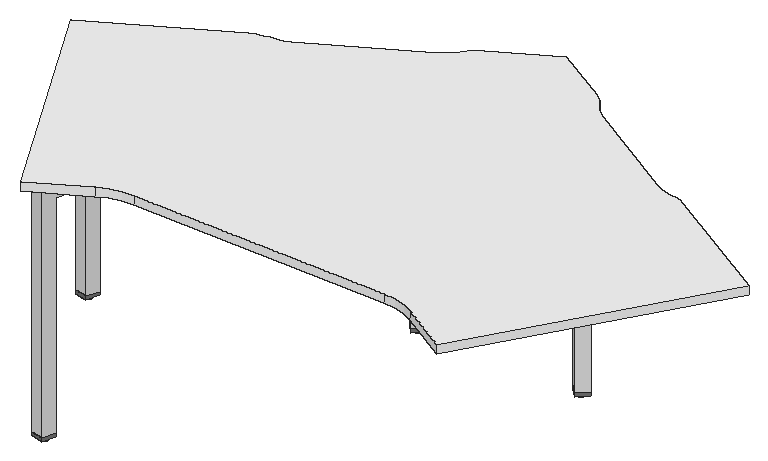
Revit family "Script Straight Leg 120 degree workstation 800 Deep Add on desk pack", category Furniture, Revit 2016
Family settings
  OmniClass Number = 23.40.20.00
  OmniClass Title = General Furniture and Specialties
  Work Plane-Based = No
  Always vertical = Yes
  Cut with Voids When Loaded = No
  Shared = No
  Room Calculation Point = No
Parameters
  URL = "www.gof.co.uk"
  Type Comments = ""
  Product Code = "XDYS128A"
  Desktop = Gresham - White MFC
  Model = ""
  Manufacturer = "Gresham Office Furniture"  # constant formula
  Frame = Gresham - Silver Metal
  Foot = Gresham - Black Plastic
  Assembly Code = "E2020200"
Reference planes
  plane 1 "Center (Front/Back)": y = -58.397
  plane 2: z = 0
  plane 3 "Center (Left/Right)": x = 0
  plane 4 "Desktop Underside": z = 702
  plane 5 "Foot": z = 15
  plane 6: y = 588.013
  plane 7: y = -704.808
  plane 8: x = 1039.23
  plane 9: x = -1039.23
Forms (mm)
  Extrusion 1, solid, material "Gresham - White MFC" <- "Desktop"
    sketch origin (-74115.542, -33223.428, 702) x (-1, 0, 0) y (0, -1, 0)
      loop
        line (-74288.747, -33711.441) -> (-74115.542, -33811.441) -> (-73942.337, -33711.441)
        arc (-73942.337, -33711.441) -> (-73920.203, -33695.005) -> (-73902.405, -33673.952) r 120
        arc (-73902.405, -33673.952) -> (-73884.606, -33652.899) -> (-73862.472, -33636.463) r 120
        line (-73862.472, -33636.463) -> (-73553.567, -33458.117)
        arc (-73553.567, -33458.117) -> (-73528.267, -33447.166) -> (-73501.135, -33442.279) r 120
        arc (-73501.135, -33442.279) -> (-73474.003, -33437.391) -> (-73448.703, -33426.441) r 120
        line (-73448.703, -33426.441) -> (-73076.312, -33211.441) -> (-73476.312, -32518.62) -> (-73632.196, -32608.62)
        arc (-73632.196, -32608.62) -> (-73680.432, -32628.6) -> (-73732.196, -32635.415) r 200
        line (-73732.196, -32635.415) -> (-74498.888, -32635.415)
        arc (-74498.888, -32635.415) -> (-74550.652, -32628.6) -> (-74598.888, -32608.62) r 200
        line (-74598.888, -32608.62) -> (-74754.773, -32518.62) -> (-75154.773, -33211.441) -> (-74782.382, -33426.441)
        arc (-74782.382, -33426.441) -> (-74757.081, -33437.391) -> (-74729.949, -33442.279) r 120
        arc (-74729.949, -33442.279) -> (-74702.817, -33447.166) -> (-74677.517, -33458.117) r 120
        line (-74677.517, -33458.117) -> (-74368.612, -33636.463)
        arc (-74368.612, -33636.463) -> (-74346.478, -33652.899) -> (-74328.68, -33673.952) r 120
        arc (-74328.68, -33673.952) -> (-74310.881, -33695.005) -> (-74288.747, -33711.441) r 120
    from 0 to 25
  Extrusion 2, solid, material "Gresham - Silver Metal" <- "Frame"
    sketch origin (-492.82, -158.397, 702) x (-0.258819, -0.965926, 0) y (0, 0, 1)
      loop
        line (-20, -40) -> (475.685, -40) -> (475.685, -687) -> (515.685, -687) -> (515.685, 0) -> (-20, 0) -> (-20, -40)
    from -20 to 20
  Extrusion 3, solid, material "Gresham - Black Plastic" <- "Foot"
    sketch origin (-59.808, 91.603, 15) x (0.866025, 0.5, 0) y (-0.5, 0.866025, 0)
      loop
        line (-850.503, -378.787) -> (-822.218, -350.503) -> (-850.503, -322.218) -> (-878.787, -350.503) -> (-850.503, -378.787)
      loop
        line (-850.503, 378.787) -> (-878.787, 350.503) -> (-850.503, 322.218) -> (-822.218, 350.503) -> (-850.503, 378.787)
    from 0 to -10
  Extrusion 4, solid, material "Gresham - Black Plastic"
    sketch origin (-59.808, 91.603, 0) x (-0.866025, -0.5, 0) y (0.5, -0.866025, 0)
      loop
        circle (850.503, 350.503) r 15
      loop
        circle (850.503, -350.503) r 15
    from 0 to 5
  Extrusion 5, solid, material "Gresham - Silver Metal" <- "Frame"
    sketch origin (-1039.23, -11.987, 702) x (0.965926, -0.258819, 0) y (0, 0, 1)
      loop
        line (585.685, -40) -> (585.685, 0) -> (50, 0) -> (50, -687) -> (90, -687) -> (90, -40) -> (585.685, -40)
    from -20 to 20
  Extrusion 6, solid, material "Gresham - Silver Metal" <- "Frame"
    sketch origin (-300, 385.94, 702) x (0.707107, -0.707107, 0) y (0, 0, 1)
      loop
        line (444.264, -40) -> (444.264, 0) -> (50, 0) -> (50, -687) -> (90, -687) -> (90, -40) -> (444.264, -40)
    from -20 to 20
  Extrusion 7, solid, material "Gresham - Black Plastic" <- "Foot"
    sketch origin (0, -514.06, 15) x (0, -1, 0) y (1, 0, 0)
      loop
        line (-850.503, -278.787) -> (-822.218, -250.503) -> (-850.503, -222.218) -> (-878.787, -250.503) -> (-850.503, -278.787)
      loop
        line (-850.503, 278.787) -> (-878.787, 250.503) -> (-850.503, 222.218) -> (-822.218, 250.503) -> (-850.503, 278.787)
    from 0 to -10
  Extrusion 8, solid, material "Gresham - Black Plastic"
    sketch origin (0, -514.06, 0) x (0, 1, 0) y (-1, 0, 0)
      loop
        circle (850.503, 250.503) r 15
      loop
        circle (850.503, -250.503) r 15
    from 0 to 5
  Extrusion 9, solid, material "Gresham - Silver Metal" <- "Frame"
    sketch origin (300, 385.94, 702) x (-0.707107, -0.707107, 0) y (0, 0, 1)
      loop
        line (444.264, -40) -> (444.264, 0) -> (50, 0) -> (50, -687) -> (90, -687) -> (90, -40) -> (444.264, -40)
    from -20 to 20
Cuts and joins
  joined: Extrusion 2, Extrusion 5
  joined: Extrusion 6, Extrusion 9
Lines and regions (mm)
  reference lines
    curve 1: line (-1039.23, -11.987, 702) -> (-492.82, -158.397, 702)
    curve 2: line (-492.82, -158.397, 702) -> (-639.23, -704.808, 702)
    curve 3: line (300, 385.94, 702) -> (0, 85.94, 702)
    curve 4: line (-300, 385.94, 702) -> (0, 85.94, 702)
Dimensions and locks
  locked: plane 4 "Desktop Underside" to plane 2 at 702
  locked: plane 2 to plane 5 "Foot" at 15
  equal spacing: plane 7, plane 1 "Center (Front/Back)", plane 6
  locked: curve 4 to Extrusion 6 at 50
  locked: curve 3 to Extrusion 9 at 50
  locked: curve 1 to cut or joined group of Extrusion 2, Extrusion 5 at 50
  Extrusion 1 to Extrusion 1 = 1200 mm  (x2)
  Extrusion 1 to level = 727 mm
  aligned and locked: level to plane 2
Automatic sketch dimensions
  plane 7 to curve 2 = 0 mm
  plane 1 "Center (Front/Back)" to curve 1 = 100 mm
  curve 1 to plane 3 "Center (Left/Right)" = 492.82 mm
  curve 1 to curve 2 = 146.41 mm
  curve 1 to plane 1 "Center (Front/Back)" = 46.41 mm
  plane 7 to Extrusion 1 sketch curve = 0 mm  (x2)
  Extrusion 1 sketch curve to plane 3 "Center (Left/Right)" = 0 mm
  plane 6 to Extrusion 1 sketch curve = 0 mm
  plane 3 "Center (Left/Right)" to Extrusion 1 sketch curve = 113.205 mm
  Extrusion 1 sketch curve to Extrusion 1 sketch curve = 60 mm  (x6)
  Extrusion 1 sketch curve to Extrusion 1 sketch curve = 79.865 mm  (x2)
  plane 6 to Extrusion 1 sketch curve = 71.054 mm  (x2)
  plane 7 to Extrusion 1 sketch curve = 83.205 mm  (x2)
  plane 3 "Center (Left/Right)" to Extrusion 1 sketch curve = 383.346 mm
  Extrusion 1 sketch curve to plane 7 = 90 mm  (x2)
  Extrusion 1 sketch curve to Extrusion 1 sketch curve = 100 mm
  Extrusion 1 sketch curve to Extrusion 1 sketch curve = 308.905 mm  (x2)
  Extrusion 1 sketch curve to Extrusion 1 sketch curve = 44.865 mm  (x2)
  Extrusion 1 sketch curve to Extrusion 1 sketch curve = 155.885 mm  (x2)
  Extrusion 1 sketch curve to plane 1 "Center (Front/Back)" = 261.41 mm  (x2)
  Extrusion 1 sketch curve to Extrusion 1 sketch curve = 104.865 mm  (x2)
  Extrusion 1 sketch curve to plane 3 "Center (Left/Right)" = 113.205 mm
  Extrusion 1 sketch curve to plane 3 "Center (Left/Right)" = 383.346 mm
  plane 6 to Extrusion 1 sketch curve = 100 mm  (x2)
  Extrusion 1 sketch curve to Extrusion 1 sketch curve = 74.977 mm  (x2)
  Extrusion 1 sketch curve to Extrusion 1 sketch curve = 103.923 mm  (x4)
  Extrusion 1 sketch curve to Extrusion 1 sketch curve = 135.599 mm  (x2)
  Extrusion 1 sketch curve to Extrusion 1 sketch curve = 31.676 mm  (x2)
  curve 2 to Extrusion 2 sketch curve = 0 mm
  Extrusion 2 sketch curve to curve 2 = 20 mm
  curve 2 to Extrusion 2 sketch curve = 40 mm
  Extrusion 2 sketch curve to curve 2 = 90 mm
  Extrusion 2 sketch curve to curve 2 = 687 mm
  plane 7 to Extrusion 3 sketch curve = 53.473 mm
  plane 3 "Center (Left/Right)" to Extrusion 3 sketch curve = 645.608 mm
  Extrusion 3 sketch curve to Extrusion 3 sketch curve = 0 mm
  Extrusion 3 sketch curve to Extrusion 3 sketch curve = 28.284 mm  (x6)
  Extrusion 3 sketch curve to Extrusion 3 sketch curve = 644.437 mm
  plane 1 "Center (Front/Back)" to Extrusion 4 sketch curve = 28.293 mm
  plane 3 "Center (Left/Right)" to Extrusion 4 sketch curve = 971.616 mm
  Extrusion 4 sketch curve to Extrusion 4 sketch curve = 0 mm
  Extrusion 4 sketch curve to Extrusion 4 sketch curve = 701.005 mm
  curve 1 to Extrusion 5 sketch curve = 0 mm
  Extrusion 5 sketch curve to Extrusion 5 sketch curve = 40 mm  (x2)
  curve 1 to Extrusion 5 sketch curve = 20 mm
  Extrusion 5 sketch curve to curve 1 = 687 mm
  curve 4 to Extrusion 6 sketch curve = 0 mm
  Extrusion 6 sketch curve to Extrusion 6 sketch curve = 40 mm  (x2)
  curve 4 to Extrusion 6 sketch curve = 20 mm
  Extrusion 6 sketch curve to curve 4 = 687 mm
  plane 6 to Extrusion 7 sketch curve = 223.286 mm  (x2)
  Extrusion 7 sketch curve to Extrusion 7 sketch curve = 28.284 mm  (x6)
  Extrusion 7 sketch curve to plane 3 "Center (Left/Right)" = 278.787 mm
  plane 3 "Center (Left/Right)" to Extrusion 7 sketch curve = 222.218 mm
  plane 6 to Extrusion 8 sketch curve = 251.57 mm  (x2)
  plane 3 "Center (Left/Right)" to Extrusion 8 sketch curve = 250.503 mm
  Extrusion 8 sketch curve to plane 3 "Center (Left/Right)" = 250.503 mm
  Extrusion 9 sketch curve to curve 3 = 0 mm
  Extrusion 9 sketch curve to Extrusion 9 sketch curve = 40 mm  (x2)
  curve 3 to Extrusion 9 sketch curve = 20 mm
  Extrusion 9 sketch curve to curve 3 = 687 mm
  curve 4 to plane 3 "Center (Left/Right)" = 0 mm
  curve 4 to plane 1 "Center (Front/Back)" = 144.338 mm
  plane 3 "Center (Left/Right)" to curve 3 = 300 mm
  curve 4 to plane 3 "Center (Left/Right)" = 300 mm
  plane 6 to curve 3 = 202.073 mm
  Extrusion 2 sketch curve to Extrusion 2 sketch curve = 40 mm
  curve 1 to Extrusion 5 sketch curve = 90 mm
  curve 4 to Extrusion 6 sketch curve = 90 mm
  curve 3 to Extrusion 9 sketch curve = 90 mm
  radius of Extrusion 4 sketch curve = 15 mm  (x2)
  radius of Extrusion 8 sketch curve = 15 mm  (x2)
